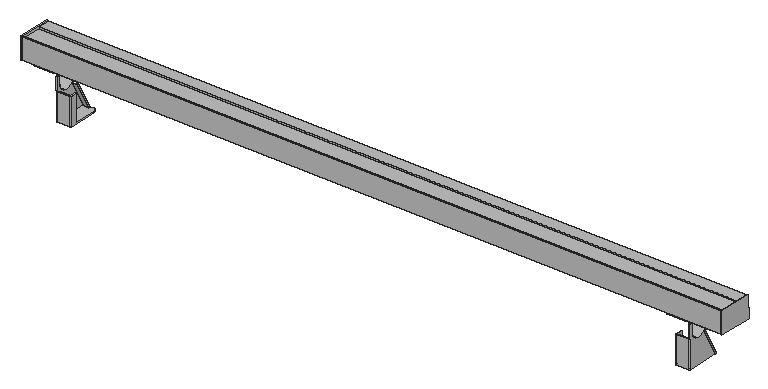
Revit family "4070763+4070747+4070771 Feilo Sylvania Lighting Fixtures CURSUS 1161MM 871LM OVAL LED 4K with SINGLE WALL HOUSING with 70MM WALL BRACKET", category Lighting Fixtures, host Face, Revit 2017
Family settings
  Host = Face
  Round Connector Dimension = Use Diameter
  Part Type = Normal
  OmniClass Number = 23.80.70.14
  OmniClass Title = Luminaries for External Lighting
  Cut with Voids When Loaded = Yes
  Light Source = No
  Shared = No
  Room Calculation Point = No
Parameters (values of type "4070763 CURSUS 1161MM 871LM OVAL LED 4K")
  Weight = "2.2 kg"
  Wattage Comments = "n/a"
  WarrantyStartDate [instance] = "n/a"
  WarrantyGuarantorParts = "n/a"
  WarrantyDurationUnit = "n/a"
  WarrantyDurationParts = "n/a"
  WarrantyDescription = "n/a"
  Voltage = 24 V
  URL = "http://www.sylvania-lighting.com"
  TypeName = "CURSUS 1161MM 871LM OVAL LED 4K"
  TypeFixture_FEILO = CURSUS with SINGLE WALL HOUSING : CURSUS 1161MM 871LM OVAL LED 4K
  Type Image = <None>
  Type Comments = "n/a"
  TiltAngle [instance] = 0.00°
  StartAngle [instance] = TiltAngle + 270.00°  # 270.00°
  SerialNumber [instance] = "n/a"
  ReflectorMaterial = none
  PowerFactor = 0
  PowerConsumption = "18 W"
  NominalLength = 1161 mm
  NominalHeight = 50 mm
  NominalDepth = 30 mm
  Name = "CURSUS 1161MM 871LM OVAL LED 4K"
  ModelReference = Name  # "CURSUS 1161MM 871LM OVAL LED 4K"
  ModelNumber = "4070763"
  Model = Name  # "CURSUS 1161MM 871LM OVAL LED 4K"
  Material = "natural anodised extruded aluminium structure housing, optical system with pmma lenses diffuser"
  ManufacturerName = "Feilo Sylvania"
  Manufacturer = "Feilo Sylvania"
  LuminousEfficacy = "48.38 lm/W"
  LuminaireType = ""
  LightOutputRatio = "100"
  LampsType = Lamp  # "LED"
  LampNominalLuminous = "871 lm"
  LampMacAdamStep = "n/a"
  LampColourTemperature = "4000 K"
  LampColourRenderingIndex = "80"
  Lamp = "LED"
  Keynote = "16500"
  InstallationDate [instance] = "n/a"
  InputVoltage = "24V DC"
  InputNominalFrequency = "50/60 Hz"
  IngressProtection = "IP67"
  ImpactProtectionIndex = "IK07"
  IfcExportType = "IfcLightFixtureType"
  IfcExportAs = "IfcLightFixtureType"
  ExpectedLife = 50000
  EndAngle [instance] = StartAngle - 180.00°  # 90.00°
  ElectricShockClassification = "Class III"
  DurationUnit = "hours"
  DocumentationLiterature = "http://www.sylvania-lighting.com/product/en-int/products/4070763"
  DimmingControlOptions = "n/a"
  DiffuserMaterial = Diffuser-Sylvania-Glow
  Description = "LED Exterior Lighting Recessed Surface Mounted Linear Fixture, Natural anodised extruded aluminium structure. Die-cast aluminium end caps. Installation kit with harmonic steel springs., 871 lm, 18W,  48lm/W, 4000K, CRI80+,non dimmable,IP67, IK07, (HxWxD) 1161x50x30mm, 3 step Mac Adam Ellipse, 2.2kg,, Classe III, 21-25V-DC, energy class : A++, A+, A"
  Default Elevation = 1219.2 mm
  CreatedOn = "1/8/2018"
  CreatedBy = ""
  Cost = 0
  built-in parameter 1114216 [instance] = (empty or 0)
  ClassificationValue = "EF_70_80"
  ClassificationName = "Uniclass2015"
  BracketWidth = 24 mm
  BracketThickness = 2 mm
  BracketHeightEnd = 32 mm
  BracketHeight = 55 mm
  BracketFlange = BracketHeight / 5  # 11 mm
  BracketExtension = 70 mm
  BracketEndReduction = 25 mm
  BracketC = 22 mm  # constant formula
  BracketDistance = 1030 mm
  BracketD = BracketHeightEnd - (BracketC * (BracketHeight - BracketHeightEnd) / (BracketExtension - BracketEndReduction))  # 20.756 mm
  BodyMaterial = Body-Sylvania-Gray
  BarCode [instance] = "n/a"
  AssetType = "Fixed"
  AssetIdentifier [instance] = "n/a"
  Assembly Code = "D5020200"
  Apparent Load = 18 VA
  AccessoryMaterial = Diffuser-Sylvania-Glow
Reference planes
  plane 1 "Center (Front/Back)": y = 0
  plane 2: z = 0
  plane 3 "Center (Left/Right)": x = 0
  plane 4: x = -527
  plane 5: x = 527
  plane 6: y = 55
  plane 7: x = -503
  plane 8: x = 503
  plane 9: z = 70
  plane 10: z = 56
  plane 11: z = 2
  plane 12: z = 45
  plane 13: x = -525
  plane 14: y = 53
  plane 15: y = 2
  plane 16: x = -505
  plane 17: x = 505
  plane 18: x = 525
  plane 19: x = -515
  plane 20: x = 515
  plane 21: y = 11
  plane 22: y = 32
  plane 23: y = 30
  plane 24: z = 67
  plane 25: y = 20.756
  plane 26: y = 16
Forms (mm)
  Blend 1, solid, material "Body-Sylvania-Gray" <- "BodyMaterial"
    base sketch origin (1223.4, -4572, 2) x (0, -1, 0) y (1, 0, 0)
      loop
        line (-4625, -1738.4) -> (-4627, -1738.4) -> (-4627, -1748.4)
        arc (-4627, -1748.4) -> (-4626.414, -1749.814) -> (-4625, -1750.4) r 2
        line (-4625, -1750.4) -> (-4574, -1750.4)
        arc (-4574, -1750.4) -> (-4572.586, -1749.814) -> (-4572, -1748.4) r 2
        line (-4572, -1748.4) -> (-4572, -1728.4)
        arc (-4572, -1728.4) -> (-4572.586, -1726.986) -> (-4574, -1726.4) r 2
        line (-4574, -1726.4) -> (-4583, -1726.4) -> (-4583, -1728.4) -> (-4574, -1728.4) -> (-4574, -1748.4) -> (-4625, -1748.4) -> (-4625, -1738.4)
    top sketch origin (1223.4, -4572, 2) x (0, -1, 0) y (1, 0, 0)
      loop
        line (-4583, -1728.4) -> (-4574, -1728.4) -> (-4574, -1748.4) -> (-4602, -1748.4) -> (-4602, -1738.4) -> (-4604, -1738.4) -> (-4604, -1748.4)
        arc (-4604, -1748.4) -> (-4603.52, -1749.71) -> (-4602.309, -1750.4) r 2.028
        line (-4602.309, -1750.4) -> (-4574, -1750.4)
        arc (-4574, -1750.4) -> (-4572.586, -1749.814) -> (-4572, -1748.4) r 2
        line (-4572, -1748.4) -> (-4572, -1728.4)
        arc (-4572, -1728.4) -> (-4572.586, -1726.986) -> (-4574, -1726.4) r 2
        line (-4574, -1726.4) -> (-4583, -1726.4) -> (-4583, -1728.4)
    from 0 to 43
  Extrusion 2, solid, material "Body-Sylvania-Gray" <- "BodyMaterial"
    sketch origin (0, 0, 0) x (1, 0, 0) y (0, 1, 0)
      loop
        arc (-525, 55) -> (-526.414, 54.414) -> (-527, 53) r 2
        line (-527, 53) -> (-527, 2)
        arc (-527, 2) -> (-526.414, 0.586) -> (-525, 0) r 2
        line (-525, 0) -> (-505, 0)
        arc (-505, 0) -> (-503.586, 0.586) -> (-503, 2) r 2
        line (-503, 2) -> (-503, 47.5)
        arc (-503, 47.5) -> (-505.197, 52.803) -> (-510.5, 55) r 7.5
        line (-510.5, 55) -> (-525, 55)
      loop
        line (525, 55) -> (510.5, 55)
        arc (510.5, 55) -> (505.197, 52.803) -> (503, 47.5) r 7.5
        line (503, 47.5) -> (503, 2)
        arc (503, 2) -> (503.586, 0.586) -> (505, 0) r 2
        line (505, 0) -> (525, 0)
        arc (525, 0) -> (526.414, 0.586) -> (527, 2) r 2
        line (527, 2) -> (527, 53)
        arc (527, 53) -> (526.414, 54.414) -> (525, 55) r 2
    from 0 to 2
  Blend 3, solid, material "Body-Sylvania-Gray" <- "BodyMaterial"
    base sketch origin (1223.4, -4572, 2) x (0, -1, 0) y (1, 0, 0)
      loop
        line (-4625, -698.4) -> (-4574, -698.4) -> (-4574, -718.4) -> (-4583, -718.4) -> (-4583, -720.4) -> (-4574, -720.4)
        arc (-4574, -720.4) -> (-4572.586, -719.814) -> (-4572, -718.4) r 2
        line (-4572, -718.4) -> (-4572, -698.4)
        arc (-4572, -698.4) -> (-4572.586, -696.986) -> (-4574, -696.4) r 2
        line (-4574, -696.4) -> (-4625, -696.4)
        arc (-4625, -696.4) -> (-4626.414, -696.986) -> (-4627, -698.4) r 2
        line (-4627, -698.4) -> (-4627, -708.4) -> (-4625, -708.4) -> (-4625, -698.4)
    top sketch origin (1223.4, -4572, 2) x (0, -1, 0) y (1, 0, 0)
      loop
        line (-4602, -708.4) -> (-4602, -698.4) -> (-4574, -698.4) -> (-4574, -718.4) -> (-4583, -718.4) -> (-4583, -720.4) -> (-4574, -720.4)
        arc (-4574, -720.4) -> (-4572.586, -719.814) -> (-4572, -718.4) r 2
        line (-4572, -718.4) -> (-4572, -698.4)
        arc (-4572, -698.4) -> (-4572.586, -696.986) -> (-4574, -696.4) r 2
        line (-4574, -696.4) -> (-4602, -696.4)
        arc (-4602, -696.4) -> (-4603.414, -696.986) -> (-4604, -698.4) r 2
        line (-4604, -698.4) -> (-4604, -708.4) -> (-4602, -708.4)
    from 0 to 43
  Blend 4, solid, material "Body-Sylvania-Gray" <- "BodyMaterial"
    base sketch origin (1223.4, -4572, 45) x (0, -1, 0) y (1, 0, 0)
      loop
        line (-4604, -1750.4) -> (-4572, -1750.4) -> (-4572, -1748.4) -> (-4604, -1748.4) -> (-4604, -1750.4)
    top sketch origin (1223.4, -4572, 45) x (0, -1, 0) y (1, 0, 0)
      loop
        line (-4572, -1750.4) -> (-4572, -1748.4) -> (-4592.756, -1748.4) -> (-4592.756, -1750.4) -> (-4572, -1750.4)
    from 0 to 22
  Blend 5, solid, material "Body-Sylvania-Gray" <- "BodyMaterial"
    base sketch origin (1223.4, -4572, 45) x (0, -1, 0) y (1, 0, 0)
      loop
        line (-4604, -698.4) -> (-4572, -698.4) -> (-4572, -696.4) -> (-4604, -696.4) -> (-4604, -698.4)
    top sketch origin (1223.4, -4572, 45) x (0, -1, 0) y (1, 0, 0)
      loop
        line (-4572, -696.4) -> (-4592.756, -696.4) -> (-4592.756, -698.4) -> (-4572, -698.4) -> (-4572, -696.4)
    from 0 to 22
  Extrusion 6, void
    sketch origin (0, 0, 0) x (0, 1, 0) y (0, 0, 1)
      loop
        line (0, 45) -> (2, 45) -> (2, 46.5) -> (0, 46.5) -> (0, 45)
      loop
        line (32, 45) -> (32, 46.5) -> (30, 46.5) -> (30, 45) -> (32, 45)
    from -527 to 527
  Revolve 7, solid, not visible
    sketch origin (1524, 16, 1219.2) x (1, 0, 0) y (0, 0, 1)
      loop
        line (-1524, -1152.2) -> (-1524, -1163.2) -> (-1009, -1163.2) -> (-1009, -1152.2) -> (-1524, -1152.2)
      axis (-1009, -1163.2) -> (-1524, -1163.2)
    angle from 270 <- "StartAngle" to 90 <- "EndAngle"
Cuts and joins
  Extrusion 6 cuts Blend 4
  Extrusion 6 cuts Blend 5
  joined: Blend 1, Extrusion 2, Blend 3, Blend 4, Blend 5
Lines and regions (mm)
  reference lines, not visible
    curve 1: line (-503, 16, 56) -> (503, 16, 56)
Dimensions and locks
  equal spacing: plane 4, plane 3 "Center (Left/Right)", plane 5
  "BracketDistance": plane 19 to plane 20
  "BracketHeight": plane 1 "Center (Front/Back)" to plane 6
  equal spacing: plane 7, plane 3 "Center (Left/Right)", plane 8
  "BracketWidth": plane 4 to plane 7
  "BracketExtension": plane 9 to plane 2
  "BracketThickness": plane 11 to plane 2
  "BracketEndReduction": plane 9 to plane 12
  equal spacing: plane 13, plane 3 "Center (Left/Right)", plane 18
  equal spacing: plane 16, plane 3 "Center (Left/Right)", plane 17
  "BracketThickness": plane 4 to plane 13
  "BracketThickness": plane 16 to plane 7
  "BracketThickness": plane 14 to plane 6
  "BracketThickness": plane 1 "Center (Front/Back)" to plane 15
  equal spacing: plane 4, plane 19, plane 7
  equal spacing: plane 8, plane 20, plane 5
  "BracketFlange": plane 1 "Center (Front/Back)" to plane 21
  "BracketHeightEnd": plane 1 "Center (Front/Back)" to plane 22
  "BracketThickness": plane 23 to plane 22
  locked: Extrusion 2 sketch curve to plane 7 at 7.5
  locked: Extrusion 2 sketch curve to plane 6 at 7.5  (x2)
  locked: plane 8 to Extrusion 2 sketch curve at 7.5
  "BracketC": plane 24 to plane 12
  "BracketD": plane 1 "Center (Front/Back)" to plane 25
  locked: plane 12 to Extrusion 6 sketch curve at 1.5
  equal spacing: plane 24, plane 10, plane 12
  equal spacing: plane 1 "Center (Front/Back)", plane 26, plane 22
  aligned and locked: plane 2 to host face
  aligned and locked: level to host face
  aligned and locked: plane 4 to Blend 1 sketch curve  (x2)
  aligned and locked: plane 13 to Blend 1 sketch curve  (x3)
  aligned and locked: Blend 1 sketch curve to plane 15
  aligned and locked: Blend 1 sketch curve to plane 16
  aligned and locked: Blend 1 sketch curve to plane 21
  aligned and locked: plane 7 to Blend 1 sketch curve
  aligned and locked: plane 16 to Blend 1 sketch curve
  aligned and locked: plane 1 "Center (Front/Back)" to Blend 1 sketch curve
  aligned and locked: plane 14 to Blend 1 sketch curve
  aligned and locked: Blend 1 sketch curve to var sketch  (x6)
  aligned and locked: Blend 1 sketch curve to plane 19
  aligned and locked: Blend 1 sketch curve to plane 22
  aligned and locked: plane 23 to Blend 1 sketch curve
  aligned and locked: plane 11 to Blend 1
  aligned and locked: Extrusion 2 sketch curve to Blend 1  (x3)
  aligned and locked: Extrusion 2 to level
  aligned and locked: Extrusion 2 to plane 11
  aligned and locked: Extrusion 2 sketch curve to plane 7
  aligned and locked: plane 18 to Blend 3 sketch curve  (x4)
  aligned and locked: plane 14 to Blend 3 sketch curve  (x2)
  aligned and locked: Blend 3 sketch curve to plane 20
  aligned and locked: Blend 3 sketch curve to plane 6
  aligned and locked: plane 5 to Blend 3 sketch curve
  aligned and locked: plane 1 "Center (Front/Back)" to Blend 3 sketch curve
  aligned and locked: plane 15 to Blend 3 sketch curve  (x2)
  aligned and locked: Blend 3 sketch curve to plane 8
  aligned and locked: Blend 3 sketch curve to plane 21
  aligned and locked: plane 17 to Blend 3 sketch curve
  aligned and locked: Blend 3 sketch curve to plane 18
  aligned and locked: plane 20 to Blend 3 sketch curve  (x2)
  aligned and locked: Blend 3 sketch curve to plane 23
  aligned and locked: Blend 3 sketch curve to var sketch  (x8)
  aligned and locked: var sketch to Blend 3 sketch curve
  aligned and locked: plane 22 to Blend 3 sketch curve
  aligned and locked: plane 11 to Blend 3
  aligned and locked: Extrusion 2 sketch curve to Blend 3  (x4)
  aligned and locked: Blend 1 to plane 12
  aligned and locked: Blend 3 to plane 12
  aligned and locked: Blend 4 sketch curve to plane 22
  aligned and locked: Blend 4 sketch curve to cut or joined group of Blend 1, Extrusion 2, Blend 3, Blend 4, Blend 5, Extrusion 6  (x2)
  aligned and locked: cut or joined group of Blend 1, Extrusion 2, Blend 3, Blend 4, Blend 5, Extrusion 6 to Blend 4 sketch curve
  aligned and locked: Blend 4 sketch curve to var sketch  (x2)
  aligned and locked: Blend 4 sketch curve to plane 13
  aligned and locked: Blend 4 to plane 24
  aligned and locked: Blend 4 sketch curve to plane 25
  aligned and locked: Blend 5 sketch curve to plane 18  (x2)
  aligned and locked: plane 1 "Center (Front/Back)" to Blend 5 sketch curve
  aligned and locked: plane 5 to Blend 5 sketch curve
  aligned and locked: plane 22 to Blend 5 sketch curve
  aligned and locked: Blend 5 sketch curve to var sketch
  aligned and locked: var sketch to Blend 5 sketch curve
  aligned and locked: Blend 5 sketch curve to plane 25
  aligned and locked: Blend 5 to plane 24
  aligned and locked: plane 12 to Blend 5
  aligned and locked: Extrusion 6 sketch curve to cut or joined group of Blend 1, Extrusion 2, Blend 3, Blend 4, Blend 5, Extrusion 6  (x2)
  aligned and locked: Extrusion 6 sketch curve to Extrusion 6 sketch curve
  aligned and locked: Extrusion 6 sketch curve to plane 15
  aligned and locked: plane 5 to Extrusion 6
  aligned and locked: Extrusion 6 to plane 4
  aligned and locked: Extrusion 6 sketch curve to plane 23
  aligned and locked: Revolve 7 sketch curve to plane 10  (x2)
  aligned and locked: plane 24 to Revolve 7 sketch curve
  aligned and locked: plane 3 "Center (Left/Right)" to Revolve 7 sketch curve
  aligned and locked: Revolve 7 sketch curve to plane 20
  aligned and locked: plane 7 to curve 1
  aligned and locked: plane 10 to curve 1
  aligned and locked: nested 1 to plane 5
  aligned and locked: nested 2 to plane 4
  aligned and locked: nested 1 to curve 1
  aligned and locked: nested 2 to curve 1
  aligned and locked: nested 1 to nested 3
  aligned and locked: nested 3 to plane 3 "Center (Left/Right)"
Automatic sketch dimensions
  host sketch curve to host sketch curve = 2438.4 mm  (x2)
  Blend 1 sketch curve to plane 13 = 0 mm
  plane 15 to Blend 1 sketch curve = 0 mm  (x3)
  Blend 1 sketch curve to plane 23 = 0.309 mm
  plane 6 to Blend 1 sketch curve = 0 mm
  plane 14 to Blend 1 sketch curve = 0 mm
  Blend 1 sketch curve to plane 19 = 0 mm
  Blend 3 sketch curve to plane 17 = 0 mm
  Extrusion 6 sketch curve to plane 1 "Center (Front/Back)" = 0 mm
  plane 12 to Extrusion 6 sketch curve = 0 mm
  Revolve 7 sketch curve to plane 4 = 1153 mm
  plane 5 to Revolve 7 sketch curve = 1161.4 mm
  curve 1 to plane 8 = 0 mm
Nested families
  nested 1: "MountingPlate" at (526, 16, 56) x (-1, 0, 0) z (0, 0, 1), type "MountingPlate"
  nested 2: "MountingPlate" at (-526, 16, 56) x (-1, 0, 0) z (0, 0, 1), type "MountingPlate"
  nested 3: "CURSUS with SINGLE WALL HOUSING" at (0, -4, 74) x (-1, 0, 0) z (0, 0, 1), type <- "TypeFixture_FEILO", type "CURSUS 1161MM 871LM OVAL LED 4K"
    with WarrantyStartDate "n/a", SerialNumber "n/a", InstallationDate "n/a", EndCapRight yes, EndCapLeft yes, built-in parameter 1114216 (empty or 0), BarCode "n/a", AssetIdentifier "n/a"
Connectors
  electrical at (0, 0, 0), driven by "Voltage", driven by "Apparent Load", driven by "PowerFactor"
    settings: index 1, voltage 24 V, apparent load 18 VA, apparent load phase1 0 VA, apparent load phase2 0 VA, apparent load phase3 0 VA, power factor 0, load classification "Other", number of poles 1, system type 30, power factor state 1, is connector primary yes, connector utility no, sub classification motor no, connector description ""
Definition of nested family "MountingPlate"
  Parameters (values of type "MountingPlate")
    URL = "http://www.feilosylvania.com"
    Type Comments = "n/a"
    ReflectorMaterial = none
    MountingPlateWidth = 76 mm
    MountingPlateThickness = 2 mm
    MountingPlateRadiusBack = 12 mm
    MountingPlateRadius = 3 mm
    MountingPlateHeight = 35 mm
    Model = "n/a"
    Manufacturer = "Feilo Sylvania"
    Keynote = "n/a"
    DiffuserMaterial = none
    Description = "n/a"
    Default Elevation = 1219.2 mm
    Cost = 0
    BodyMaterial = none
    Assembly Code = "n/a"
    AccessoryMaterial = none
  Reference planes
    plane 1 "Center (Front/Back)": y = 0
    plane 2: z = 0
    plane 3 "Center (Left/Right)": x = 0
    plane 4: x = -38
    plane 5: x = 38
    plane 6: y = 17.5
    plane 7: y = -17.5
    plane 8: x = -3
    plane 9: x = 3
    plane 10: z = 18
    plane 11: z = 16
    plane 12: y = 12.5
    plane 13: y = -12.5
    plane 14: x = -1
    plane 15: x = 1
    plane 16: z = -12.5
    plane 17: z = -14.5
  Forms (mm)
    Extrusion 1, solid
      sketch origin (1.653, 0, 0) x (1, 0, 0) y (0, 1, 0)
        loop
          line (-1219.2, 1219.2) -> (-1219.2, -1219.2) -> (1219.2, -1219.2) -> (1219.2, 1219.2) -> (-1219.2, 1219.2)
      from 0 to -304.8
    Extrusion 2, solid, material <- "BodyMaterial"
      sketch origin (1218.4, -4572, 16) x (0, -1, 0) y (-1, 0, 0)
        loop
          line (-4589.5, 1253.4) -> (-4589.5, 1224.4)
          arc (-4589.5, 1224.4) -> (-4588.621, 1222.279) -> (-4586.5, 1221.4) r 3
          line (-4586.5, 1221.4) -> (-4557.5, 1221.4)
          arc (-4557.5, 1221.4) -> (-4555.379, 1222.279) -> (-4554.5, 1224.4) r 3
          line (-4554.5, 1224.4) -> (-4554.5, 1253.4)
          arc (-4554.5, 1253.4) -> (-4555.379, 1255.521) -> (-4557.5, 1256.4) r 3
          line (-4557.5, 1256.4) -> (-4586.5, 1256.4)
          arc (-4586.5, 1256.4) -> (-4588.621, 1255.521) -> (-4589.5, 1253.4) r 3
        loop
          arc (-4589.5, 1183.4) -> (-4588.621, 1181.279) -> (-4586.5, 1180.4) r 3
          line (-4586.5, 1180.4) -> (-4557.5, 1180.4)
          arc (-4557.5, 1180.4) -> (-4555.379, 1181.279) -> (-4554.5, 1183.4) r 3
          line (-4554.5, 1183.4) -> (-4554.5, 1212.4)
          arc (-4554.5, 1212.4) -> (-4555.379, 1214.521) -> (-4557.5, 1215.4) r 3
          line (-4557.5, 1215.4) -> (-4586.5, 1215.4)
          arc (-4586.5, 1215.4) -> (-4588.621, 1214.521) -> (-4589.5, 1212.4) r 3
          line (-4589.5, 1212.4) -> (-4589.5, 1183.4)
      from 0 to -2
    Extrusion 3, solid, material <- "BodyMaterial"
      sketch origin (0, 0, 0) x (1, 0, 0) y (0, 0, 1)
        loop
          line (-3, 18) -> (-3, -12.5) -> (-1, -12.5) -> (-1, 16)
          arc (-1, 16) -> (-1.586, 17.414) -> (-3, 18) r 2
        loop
          line (3, -12.5) -> (3, 18)
          arc (3, 18) -> (1.586, 17.414) -> (1, 16) r 2
          line (1, 16) -> (1, -12.5) -> (3, -12.5)
      from -12.5 to 12.5
    Extrusion 4, void
      sketch origin (0, 0, 0) x (0, 1, 0) y (0, 0, 1)
        loop
          line (-12.5, -0.5) -> (-17.5, -0.5) -> (-17.5, -14.5) -> (-0.5, -14.5) -> (-0.5, -12.5)
          arc (-0.5, -12.5) -> (-8.985, -8.985) -> (-12.5, -0.5) r 12
        loop
          line (0.5, -12.5) -> (0.5, -14.5) -> (17.5, -14.5) -> (17.5, -0.5) -> (12.5, -0.5)
          arc (12.5, -0.5) -> (8.985, -8.985) -> (0.5, -12.5) r 12
      from -3 to 3
  Cuts and joins
    Extrusion 4 cuts Extrusion 2
    Extrusion 4 cuts Extrusion 3
    joined: Extrusion 2, Extrusion 3
  Lines and regions (mm)
    reference lines
      curve 1: line (-38, 0, 0) -> (38, 0, 0)
  Dimensions and locks
    equal spacing: plane 4, plane 3 "Center (Left/Right)", plane 5
    "MountingPlateWidth": plane 4 to plane 5
    equal spacing: plane 7, plane 1 "Center (Front/Back)", plane 6
    "MountingPlateHeight": plane 7 to plane 6
    equal spacing: plane 8, plane 3 "Center (Left/Right)", plane 9
    "MountingPlateHeight": plane 4 to plane 8
    locked: plane 10 to plane 2 at 18
    "MountingPlateThickness": plane 10 to plane 11
    equal spacing: plane 13, plane 1 "Center (Front/Back)", plane 12
    locked: plane 13 to plane 12 at 25
    "MountingPlateRadius": plane 4 to Extrusion 2 sketch curve  (x2)
    "MountingPlateRadius": Extrusion 2 sketch curve to plane 6  (x4)
    "MountingPlateRadius": Extrusion 2 sketch curve to plane 8  (x2)
    "MountingPlateRadius": plane 7 to Extrusion 2 sketch curve  (x4)
    "MountingPlateRadius": plane 9 to Extrusion 2 sketch curve  (x2)
    "MountingPlateRadius": Extrusion 2 sketch curve to plane 5  (x2)
    equal spacing: plane 15, plane 3 "Center (Left/Right)", plane 14
    "MountingPlateThickness": plane 14 to plane 8
    locked: plane 2 to plane 16 at 12.5
    locked: plane 17 to plane 16 at 2
    "MountingPlateRadiusBack": plane 13 to Extrusion 4 sketch curve
    "MountingPlateRadiusBack": plane 16 to Extrusion 4 sketch curve  (x2)
    "MountingPlateRadiusBack": Extrusion 4 sketch curve to plane 12
    aligned and locked: plane 2 to Extrusion 1
    aligned and locked: level to Extrusion 1
    aligned and locked: Extrusion 2 sketch curve to plane 6
    aligned and locked: Extrusion 2 sketch curve to plane 4
    aligned and locked: plane 7 to Extrusion 2 sketch curve
    aligned and locked: plane 8 to Extrusion 2 sketch curve
    aligned and locked: plane 6 to Extrusion 2 sketch curve
    aligned and locked: Extrusion 2 sketch curve to plane 5
    aligned and locked: Extrusion 2 sketch curve to plane 7
    aligned and locked: plane 9 to Extrusion 2 sketch curve
    aligned and locked: Extrusion 2 to plane 10
    aligned and locked: plane 11 to Extrusion 2
    aligned and locked: Extrusion 3 sketch curve to Extrusion 2  (x2)
    aligned and locked: plane 16 to Extrusion 3 sketch curve  (x2)
    aligned and locked: plane 14 to Extrusion 3 sketch curve
    aligned and locked: plane 9 to Extrusion 3 sketch curve
    aligned and locked: plane 15 to Extrusion 3 sketch curve
    aligned and locked: Extrusion 3 to plane 12
    aligned and locked: plane 13 to Extrusion 3
    aligned and locked: plane 17 to Extrusion 4 sketch curve  (x2)
    aligned and locked: Extrusion 4 sketch curve to plane 7
    aligned and locked: Extrusion 4 sketch curve to plane 6
    aligned and locked: plane 9 to Extrusion 4
    aligned and locked: Extrusion 4 to plane 8
    aligned and locked: plane 4 to curve 1
    aligned and locked: curve 1 to level
  Automatic sketch dimensions
    Extrusion 1 sketch curve to Extrusion 1 sketch curve = 2438.4 mm  (x2)
    Extrusion 3 sketch curve to plane 11 = 0 mm
    curve 1 to plane 5 = 0 mm
    Extrusion 4 sketch curve to plane 13 = 0 mm
    Extrusion 4 sketch curve to plane 12 = 0 mm
Definition of nested family "CURSUS with SINGLE WALL HOUSING"
  Parameters (values of type "CURSUS 1161MM 827LM OVAL LED 3K")
    Width_FEILO = 35 mm
    Weight = "2.2 kg"
    Wattage Comments = "n/a"
    Wattage = 18 W
    WarrantyStartDate [instance] = "n/a"
    WarrantyGuarantorParts = "n/a"
    WarrantyDurationUnit = "n/a"
    WarrantyDurationParts = "n/a"
    WarrantyDescription = "n/a"
    WallThickness_FEILO = 2.5 mm
    built-in parameter 1150110 = 1 (stored number, unit not read)
    Voltage = 24 V
    URL = "http://www.feilosylvania.com"
    TypeName = "CURSUS 1161MM 827LM OVAL LED 3K"
    Type Image = (empty or 0)
    Type Comments = "n/a"
    built-in parameter 1114217 = 1 (stored number, unit not read)
    Tilt Angle = -90.00°
    built-in parameter 1150109 = 1 (stored number, unit not read)
    built-in parameter 1150134 = (empty or 0)
    built-in parameter 1150113 = 1 (stored number, unit not read)
    SerialNumber [instance] = "n/a"
    ReflectorMaterial = none
    PowerFactor = 0
    PowerConsumption = "18 W"
    Photometric Web File = "4070765.ies"
    NominalLength = 1161 mm
    NominalHeight = 50 mm
    NominalDepth = 30 mm
    Name = "CURSUS 1161MM 827LM OVAL LED 3K"
    ModelReference = Name  # "CURSUS 1161MM 827LM OVAL LED 3K"
    ModelNumber = ""
    Model = Name  # "CURSUS 1161MM 827LM OVAL LED 3K"
    Material = "natural anodised extruded aluminium structure housing, optical system with pmma lenses diffuser"
    ManufacturerName = "Feilo Sylvania"
    Manufacturer = "Feilo Sylvania"
    LuminousEfficacy = "45.94 lm/W"
    built-in parameter 1150105 = 1166.5 (stored number, unit not read)
    Lumens = 827 lm
    LuminaireType = ""
    built-in parameter 1150115 = 1 (stored number, unit not read)
    LightOutputRatio = "100"
    built-in parameter 1150137 = (empty or 0)
    built-in parameter 1150139 = (empty or 0)
    Length_FEILO = 1167 mm
    LampsType = Lamp  # "LED"
    LampNominalLuminous = "827 lm"
    LampMacAdamStep = "n/a"
    LampColourTemperature = "3000 K"
    LampColourRenderingIndex = "80"
    built-in parameter 1150112 = 1 (stored number, unit not read)
    built-in parameter 1150114 = 1 (stored number, unit not read)
    Lamp = "LED"
    Keynote = "16500"
    InstallationDate [instance] = "n/a"
    InputVoltage = "24V DC"
    InputNominalFrequency = "n/a"
    built-in parameter 1150132 = (empty or 0)
    built-in parameter 1150102 = (empty or 0)
    built-in parameter 1150107 = 3000 (stored number, unit not read)
    built-in parameter 1150138 = (empty or 0)
    IngressProtection = "IP67"
    ImpactProtectionIndex = "IK07"
    built-in parameter 1150106 = 11.665 (stored number, unit not read)
    IfcExportType = "IfcLightFixtureType"
    IfcExportAs = "IfcLightFixtureType"
    ExpectedLife = 50000
    EndCapRight [instance] = yes
    EndCapLeft [instance] = yes
    Emit from Rectangle Width = Width_FEILO - WallThickness_FEILO * 2  # 30 mm
    Emit from Rectangle Length = Length_FEILO - WallThickness_FEILO * 2  # 1162 mm
    Emit Shape Visible in Rendering = no
    ElectricShockClassification = "Class III"
    built-in parameter 1150104 = 4.2684 (stored number, unit not read)
    DurationUnit = "hours"
    DocumentationLiterature = "http://www.feilosylvania.com/product/en-int/products/4070765"
    DimmingControlOptions = "n/a"
    Dimming Lamp Color Temperature Shift = (empty or 0)
    DiffuserMaterial = none
    Description = "LED Exterior Lighting Recessed Surface Mounted Linear Fixture, Natural anodised extruded aluminium structure. Die-cast aluminium end caps. Installation kit with harmonic steel springs., 827 lm, 18W, 45lm/W, 3000K, CRI80+,non dimmable,IP67, IK07, (HxWxD) 1161x50x30mm, 3 step Mac Adam Ellipse, 2.2kg,, Classe III, 21-25V-DC, energy class : A++, A+, A"
    Default Elevation = 1219.2 mm
    CreatedOn = "1/8/2018"
    CreatedBy = "aron.fodor@feilosylvania.com"
    Cost = 0
    Color Filter = 16777215
    built-in parameter 1114216 [instance] = (empty or 0)
    ClassificationValue = "EF_70_80"
    ClassificationName = "Uniclass2015"
    BodyMaterial = none
    BarCode [instance] = "n/a"
    built-in parameter 1114218 = 1 (stored number, unit not read)
    built-in parameter 1150133 = 10 (stored number, unit not read)
    AssetType = "Fixed"
    AssetIdentifier [instance] = "n/a"
    Assembly Code = "D5020200"
    Apparent Load = 18 VA
    AccessoryMaterial = none
  Types (16, lengths in mm): name | Weight | Wattage | Voltage | TypeName | built-in parameter 1150134 | PowerConsumption | Photometric Web File | NominalLength | Name | ModelReference | Model | Material | LuminousEfficacy | built-in parameter 1150105 | Lumens | Length_FEILO | LampNominalLuminous | LampColourTemperature | InputVoltage | InputNominalFrequency | built-in parameter 1150107 | built-in parameter 1150106 | Emit from Rectangle Length | built-in parameter 1150104 | DocumentationLiterature | Description | Apparent Load
    CURSUS 1161MM 827LM OVAL LED 3K | "2.2 kg" | 18 W | 24 V | "CURSUS 1161MM 827LM OVAL LED 3K" | (empty or 0) | "18 W" | "4070765.ies" | 1161 | "CURSUS 1161MM 827LM OVAL LED 3K" | "CURSUS 1161MM 827LM OVAL LED 3K" | "CURSUS 1161MM 827LM OVAL LED 3K" | "natural anodised extruded aluminium structure housing, optical system with pmma lenses diffuser" | "45.94 lm/W" | 1166.5 (stored number, unit not read) | 827 lm | 1167 | "827 lm" | "3000 K" | "24V DC" | "n/a" | 3000 (stored number, unit not read) | 11.665 (stored number, unit not read) | 1162 | 4.2684 (stored number, unit not read) | "http://www.feilosylvania.com/product/en-int/products/4070765" | "LED Exterior Lighting Recessed Surface Mounted Linear Fixture, Natural anodised extruded aluminium structure. Die-cast aluminium end caps. Installation kit with harmonic steel springs., 827 lm, 18W, 45lm/W, 3000K, CRI80+,non dimmable,IP67, IK07, (HxWxD) 1161x50x30mm, 3 step Mac Adam Ellipse, 2.2kg,, Classe III, 21-25V-DC, energy class : A++, A+, A" | 18 VA
    CURSUS 1161MM 731LM WIDE LED 3K | "2.2 kg" | 18 W | 230 V | "CURSUS 1161MM 731LM WIDE LED 3K" | (empty or 0) | "18 W" | "4070764.ies" | 1161 | "CURSUS 1161MM 731LM WIDE LED 3K" | "CURSUS 1161MM 731LM WIDE LED 3K" | "CURSUS 1161MM 731LM WIDE LED 3K" | "natural anodised extruded aluminium structure housing" | "40.61 lm/W" | 403.47 (stored number, unit not read) | 731 lm | 1167 | "731 lm" | "3000 K" | "220-240V~" | "n/a" | 3000 (stored number, unit not read) | 4.0347 (stored number, unit not read) | 1162 | 3.7729 (stored number, unit not read) | "http://www.feilosylvania.com/product/en-int/products/4070764" | "LED Exterior Lighting Recessed Surface Mounted Linear Fixture, Natural anodised extruded aluminium structure. Die-cast aluminium end caps. Installation kit with harmonic steel springs., 731 lm, 18W, 40lm/W, 3000K, CRI80+,non dimmable,IP67, IK07, (HxWxD) 1161x50x30mm, 3 step Mac Adam Ellipse, 2.2kg,, Classe III, 21-25V-DC, energy class : A++, A+, A" | 18 VA
    CURSUS 1161MM 871LM OVAL LED 4K | "2.2 kg" | 18 W | 24 V | "CURSUS 1161MM 871LM OVAL LED 4K" | 12 | "18 W" | "4070763.ies" | 1161 | "CURSUS 1161MM 871LM OVAL LED 4K" | "CURSUS 1161MM 871LM OVAL LED 4K" | "CURSUS 1161MM 871LM OVAL LED 4K" | "natural anodised extruded aluminium structure housing, optical system with pmma lenses diffuser" | "48.38 lm/W" | 1192.8 (stored number, unit not read) | 871 lm | 1167 | "871 lm" | "4000 K" | "24V DC" | "50/60 Hz" | 4000 (stored number, unit not read) | 11.928 (stored number, unit not read) | 1162 | 4.4955 (stored number, unit not read) | "http://www.feilosylvania.com/product/en-int/products/4070763" | "LED Exterior Lighting Recessed Surface Mounted Linear Fixture, Natural anodised extruded aluminium structure. Die-cast aluminium end caps. Installation kit with harmonic steel springs., 871 lm, 18W,  48lm/W, 4000K, CRI80+,non dimmable,IP67, IK07, (HxWxD) 1161x50x30mm, 3 step Mac Adam Ellipse, 2.2kg,, Classe III, 21-25V-DC, energy class : A++, A+, A" | 18 VA
    CURSUS 1161MM 770LM WIDE LED 4K | "2.2 kg" | 18 W | 230 V | "CURSUS 1161MM 770LM WIDE LED 4K" | 12 | "18 W" | "4070762.ies" | 1161 | "CURSUS 1161MM 770LM WIDE LED 4K" | "CURSUS 1161MM 770LM WIDE LED 4K" | "CURSUS 1161MM 770LM WIDE LED 4K" | "natural anodised extruded aluminium structure housing" | "42.77 lm/W" | 424.94 (stored number, unit not read) | 770 lm | 1167 | "770 lm" | "4000 K" | "220-240V~" | "n/a" | 4000 (stored number, unit not read) | 4.2494 (stored number, unit not read) | 1162 | 3.9742 (stored number, unit not read) | "http://www.feilosylvania.com/product/en-int/products/4070762" | "LED Exterior Lighting Recessed Surface Mounted Linear Fixture, Natural anodised extruded aluminium structure. Die-cast aluminium end caps. Installation kit with harmonic steel springs., 770 lm, 18W,  42lm/W, 4000K, CRI80+,non dimmable,IP67, IK07, (HxWxD) 1161x50x30mm, 3 step Mac Adam Ellipse, 2.2kg,, Classe III, 21-25V-DC, energy class : A++, A+, A" | 18 VA
    CURSUS 876MM 620LM OVAL LED 3K | "1.7 kg" | 13.5 W | 24 V | "CURSUS 876MM 620LM OVAL LED 3K" | (empty or 0) | "13.5 W" | "4070758.ies" | 876 | "CURSUS 876MM 620LM OVAL LED 3K" | "CURSUS 876MM 620LM OVAL LED 3K" | "CURSUS 876MM 620LM OVAL LED 3K" | "natural anodised extruded aluminium structure housing, optical system with pmma lenses diffuser" | "45.92 lm/W" | 874.55 (stored number, unit not read) | 620 lm | 882 | "620 lm" | "3000 K" | "24V DC" | "50/60 Hz" | 3000 (stored number, unit not read) | 8.7455 (stored number, unit not read) | 877 | 4.2667 (stored number, unit not read) | "http://www.feilosylvania.com/product/en-int/products/4070758" | "LED Exterior Lighting Recessed Surface Mounted Linear Fixture, Natural anodised extruded aluminium structure. Die-cast aluminium end caps. Installation kit with harmonic steel springs., 620 lm, 13,5W, 45lm/W, 3000K, CRI80+,non dimmable,IP67, IK07, (HxWxD) 876x50x30mm, 3 step Mac Adam Ellipse, 1.7kg,, Classe III, 21-25V-DC, energy class : A++, A+, A" | 13.5 VA
    CURSUS 876MM 548LM WIDE LED 3K | "1.7 kg" | 13.5 W | 24 V | "CURSUS 876MM 548LM WIDE LED 3K" | (empty or 0) | "13.5 W" | "4070757.ies" | 876 | "CURSUS 876MM 548LM WIDE LED 3K" | "CURSUS 876MM 548LM WIDE LED 3K" | "CURSUS 876MM 548LM WIDE LED 3K" | "natural anodised extruded aluminium structure housing" | "40.59 lm/W" | 302.47 (stored number, unit not read) | 548 lm | 882 | "548 lm" | "3000 K" | "24V DC" | "n/a" | 3000 (stored number, unit not read) | 3.0247 (stored number, unit not read) | 877 | 3.7712 (stored number, unit not read) | "http://www.feilosylvania.com/product/en-int/products/4070757" | "LED Exterior Lighting Recessed Surface Mounted Linear Fixture, Natural anodised extruded aluminium structure. Die-cast aluminium end caps. Installation kit with harmonic steel springs., 548 lm, 13,5W, 40lm/W, 3000K, CRI80+,non dimmable,IP67, IK07, (HxWxD) 876x50x30mm, 3 step Mac Adam Ellipse, 1.7kg,, Classe III, 21-25V-DC, energy class : A++, A+, A" | 13.5 VA
    CURSUS 876MM 653LM OVAL LED 4K | "1.7 kg" | 13.5 W | 24 V | "CURSUS 876MM 653LM OVAL LED 4K" | 12 | "13.5 W" | "4070756.ies" | 876 | "CURSUS 876MM 653LM OVAL LED 4K" | "CURSUS 876MM 653LM OVAL LED 4K" | "CURSUS 876MM 653LM OVAL LED 4K" | "natural anodised extruded aluminium structure housing, optical system with pmma lenses diffuser" | "48.37 lm/W" | 894.28 (stored number, unit not read) | 653 lm | 882 | "653 lm" | "4000 K" | "24V DC" | "n/a" | 4000 (stored number, unit not read) | 8.9428 (stored number, unit not read) | 877 | 4.4938 (stored number, unit not read) | "http://www.feilosylvania.com/product/en-int/products/4070756" | "LED Exterior Lighting Recessed Surface Mounted Linear Fixture, Natural anodised extruded aluminium structure. Die-cast aluminium end caps. Installation kit with harmonic steel springs., 653 lm, 13,5W,  48lm/W, 4000K, CRI80+,non dimmable,IP67, IK07, (HxWxD) 876x50x30mm, 3 step Mac Adam Ellipse, 1.7kg,, Classe III, 21-25V-DC, energy class : A++, A+, A" | 13.5 VA
    CURSUS 876MM 577LM WIDE LED 4K | "1.7 kg" | 13.5 W | 24 V | "CURSUS 876MM 577LM WIDE LED 4K" | 12 | "13.5 W" | "4070755.ies" | 876 | "CURSUS 876MM 577LM WIDE LED 4K" | "CURSUS 876MM 577LM WIDE LED 4K" | "CURSUS 876MM 577LM WIDE LED 4K" | "natural anodised extruded aluminium structure housing" | "42.74 lm/W" | 318.43 (stored number, unit not read) | 577 lm | 882 | "577 lm" | "4000 K" | "24V DC" | "n/a" | 4000 (stored number, unit not read) | 3.1843 (stored number, unit not read) | 877 | 3.9707 (stored number, unit not read) | "http://www.feilosylvania.com/product/en-int/products/4070755" | "LED Exterior Lighting Recessed Surface Mounted Linear Fixture, Natural anodised extruded aluminium structure. Die-cast aluminium end caps. Installation kit with harmonic steel springs., 577 lm, 13,5W,  42lm/W, 4000K, CRI80+,non dimmable,IP67, IK07, (HxWxD) 876x50x30mm, 3 step Mac Adam Ellipse, 1.7kg,, Classe III, 21-25V-DC, energy class : A++, A+, A" | 13.5 VA
    CURSUS 591MM 414LM OVAL LED 3K | "1.2 kg" | 9 W | 24 V | "CURSUS 591MM 414LM OVAL LED 3K" | (empty or 0) | "9 W" | "4070751.ies" | 591 | "CURSUS 591MM 414LM OVAL LED 3K" | "CURSUS 591MM 414LM OVAL LED 3K" | "CURSUS 591MM 414LM OVAL LED 3K" | "natural anodised extruded aluminium structure housing, optical system with pmma lenses diffuser" | "46 lm/W" | 583.97 (stored number, unit not read) | 414 lm | 597 | "414 lm" | "3000 K" | "24V DC" | "n/a" | 3000 (stored number, unit not read) | 5.8397 (stored number, unit not read) | 592 | 4.2735 (stored number, unit not read) | "http://www.feilosylvania.com/product/en-int/products/4070751" | "LED Exterior Lighting Recessed Surface Mounted Linear Fixture, Natural anodised extruded aluminium structure. Die-cast aluminium end caps. Installation kit with harmonic steel springs., 414 lm, 9W, 46lm/W, 3000K, CRI80+,non dimmable,IP67, IK07, (HxWxD) 591x50x30mm, 3 step Mac Adam Ellipse, 1.2kg,, Classe III, 21-25V-DC, energy class : A++, A+, A" | 9 VA
    CURSUS 591MM 365LM WIDE LED 3K | "1.2 kg" | 9 W | 24 V | "CURSUS 591MM 365LM WIDE LED 3K" | (empty or 0) | "9 W" | "4070750.ies" | 591 | "CURSUS 591MM 365LM WIDE LED 3K" | "CURSUS 591MM 365LM WIDE LED 3K" | "CURSUS 591MM 365LM WIDE LED 3K" | "natural anodised extruded aluminium structure housing" | "40.55 lm/W" | 201.45 (stored number, unit not read) | 365 lm | 597 | "365 lm" | "3000 K" | "24V DC" | "n/a" | 3000 (stored number, unit not read) | 2.0145 (stored number, unit not read) | 592 | 3.7677 (stored number, unit not read) | "http://www.feilosylvania.com/product/en-int/products/4070750" | "LED Exterior Lighting Recessed Surface Mounted Linear Fixture, Natural anodised extruded aluminium structure. Die-cast aluminium end caps. Installation kit with harmonic steel springs., 365 lm, 9W, 40lm/W, 3000K, CRI80+,non dimmable,IP67, IK07, (HxWxD) 591x50x30mm, 3 step Mac Adam Ellipse, 1.2kg,, Classe III, 21-25V-DC, energy class : A++, A+, A" | 9 VA
    CURSUS 591MM 435LM OVAL LED 4K | "1.2 kg" | 9 W | 24 V | "CURSUS 591MM 435LM OVAL LED 4K" | 12 | "9 W" | "4070749.ies" | 591 | "CURSUS 591MM 435LM OVAL LED 4K" | "CURSUS 591MM 435LM OVAL LED 4K" | "CURSUS 591MM 435LM OVAL LED 4K" | "natural anodised extruded aluminium structure housing, optical system with pmma lenses diffuser" | "48.33 lm/W" | 595.73 (stored number, unit not read) | 435 lm | 597 | "435 lm" | "4000 K" | "24V DC" | "n/a" | 4000 (stored number, unit not read) | 5.9573 (stored number, unit not read) | 592 | 4.4903 (stored number, unit not read) | "http://www.feilosylvania.com/product/en-int/products/4070749" | "LED Exterior Lighting Recessed Surface Mounted Linear Fixture, Natural anodised extruded aluminium structure. Die-cast aluminium end caps. Installation kit with harmonic steel springs., 435 lm, 9W, 48lm/W, 4000K, CRI80+,non dimmable,IP67, IK07, (HxWxD) 591x50x30mm, 3 step Mac Adam Ellipse, 1.2kg,, Classe III, 21-25V-DC, energy class : A++, A+, A" | 9 VA
    CURSUS 591MM 385LM WIDE LED 4K | "1.2 kg" | 9 W | 24 V | "CURSUS 591MM 385LM WIDE LED 4K" | 12 | "9 W" | "4070748.ies" | 591 | "CURSUS 591MM 385LM WIDE LED 4K" | "CURSUS 591MM 385LM WIDE LED 4K" | "CURSUS 591MM 385LM WIDE LED 4K" | "natural anodised extruded aluminium structure housing" | "42.77 lm/W" | 212.47 (stored number, unit not read) | 385 lm | 597 | "385 lm" | "4000 K" | "24V DC" | "n/a" | 4000 (stored number, unit not read) | 2.1247 (stored number, unit not read) | 592 | 3.9742 (stored number, unit not read) | "http://www.feilosylvania.com/product/en-int/products/4070748" | "LED Exterior Lighting Recessed Surface Mounted Linear Fixture, Natural anodised extruded aluminium structure. Die-cast aluminium end caps. Installation kit with harmonic steel springs., 385 lm, 9W,  42lm/W, 4000K, CRI80+,non dimmable,IP67, IK07, (HxWxD) 591x50x30mm, 3 step Mac Adam Ellipse, 1.2kg,, Classe III, 21-25V-DC, energy class : A++, A+, A" | 9 VA
    CURSUS 306MM 207LM OVAL LED3K | "0.6 kg" | 4.5 W | 24 V | "CURSUS 306MM 207LM OVAL LED3K" | (empty or 0) | "4.5 W" | "4070744.ies" | 306 | "CURSUS 306MM 207LM OVAL LED3K" | "CURSUS 306MM 207LM OVAL LED3K" | "CURSUS 306MM 207LM OVAL LED3K" | "natural anodised extruded aluminium structure housing, optical system with pmma lenses diffuser" | "46 lm/W" | 291.98 (stored number, unit not read) | 207 lm | 312 | "207 lm" | "3000 K" | "24V DC" | "n/a" | 3000 (stored number, unit not read) | 2.9198 (stored number, unit not read) | 307 | 4.2735 (stored number, unit not read) | "http://www.feilosylvania.com/product/en-int/products/4070744" | "LED Exterior Lighting Recessed Surface Mounted Linear Fixture, Natural anodised extruded aluminium structure. Die-cast aluminium end caps. Installation kit with harmonic steel springs., 207 lm, 4,5W, 46lm/W, 3000K, CRI80+,non dimmable,IP67, IK07, (HxWxD) 306x50x30mm, 3 step Mac Adam Ellipse, 0.6kg,, Classe III, 21-25V-DC, energy class : A++, A+, A" | 4.5 VA
    CURSUS 306MM 183LM WIDE LED 3K | "0.6 kg" | 4.5 W | 24 V | "CURSUS 306MM 183LM WIDE LED 3K" | (empty or 0) | "4.5 W" | "4070743.ies" | 306 | "CURSUS 306MM 183LM WIDE LED 3K" | "CURSUS 306MM 183LM WIDE LED 3K" | "CURSUS 306MM 183LM WIDE LED 3K" | "natural anodised extruded aluminium structure housing" | "40.66 lm/W" | 101.01 (stored number, unit not read) | 183 lm | 312 | "183 lm" | "3000 K" | "24V DC" | "n/a" | 3000 (stored number, unit not read) | 1.0101 (stored number, unit not read) | 307 | 3.7781 (stored number, unit not read) | "http://www.feilosylvania.com/product/en-int/products/4070743" | "LED Exterior Lighting Recessed Surface Mounted Linear Fixture, Natural anodised extruded aluminium structure. Die-cast aluminium end caps. Installation kit with harmonic steel springs., 183 lm, 4,5W, 40lm/W, 3000K, CRI80+,non dimmable,IP67, IK07, (HxWxD) 306x50x30mm, 3 step Mac Adam Ellipse, 0.6kg,, Classe III, 21-25V-DC, energy class : A++, A+, A" | 4.5 VA
    CURSUS 306MM 218LM OVAL LED 4K | "0.6 kg" | 4.5 W | 24 V | "CURSUS 306MM 218LM OVAL LED 4K" | 12 | "4.5 W" | "4070742.ies" | 306 | "CURSUS 306MM 218LM OVAL LED 4K" | "CURSUS 306MM 218LM OVAL LED 4K" | "CURSUS 306MM 218LM OVAL LED 4K" | "natural anodised extruded aluminium structure housing, optical system with pmma lenses diffuser" | "48.44 lm/W" | 298.55 (stored number, unit not read) | 218 lm | 312 | "218 lm" | "4000 K" | "24V DC" | "n/a" | 4000 (stored number, unit not read) | 2.9855 (stored number, unit not read) | 307 | 4.5006 (stored number, unit not read) | "http://www.feilosylvania.com/product/en-int/products/4070742" | "LED Exterior Lighting Recessed Surface Mounted Linear Fixture, Natural anodised extruded aluminium structure. Die-cast aluminium end caps. Installation kit with harmonic steel springs., 218 lm, 4,5W,  48lm/W, 4000K, CRI80+,non dimmable,IP67, IK07, (HxWxD) 306x50x30mm, 3 step Mac Adam Ellipse, 0.6kg,, Classe III, 21-25V-DC, energy class : A++, A+, A" | 4.5 VA
    CURSUS 306MM 192LM WIDE LED 4K | "0.6 kg" | 4.5 W | 24 V | "CURSUS 306MM 192LM WIDE LED 4K" | 12 | "4.5 W" | "4070741.ies" | 306 | "CURSUS 306MM 192LM WIDE LED 4K" | "CURSUS 306MM 192LM WIDE LED 4K" | "CURSUS 306MM 192LM WIDE LED 4K" | "natural anodised extruded aluminium structure housing" | "42.66 lm/W" | 105.96 (stored number, unit not read) | 192 lm | 312 | "192 lm" | "4000 K" | "24V DC" | "n/a" | 4000 (stored number, unit not read) | 1.0596 (stored number, unit not read) | 307 | 3.9639 (stored number, unit not read) | "http://www.feilosylvania.com/product/en-int/products/4070741" | "LED Exterior Lighting Recessed Surface Mounted Linear Fixture, Natural anodised extruded aluminium structure. Die-cast aluminium end caps. Installation kit with harmonic steel springs., 192 lm, 4,5W,  42lm/W, 4000K, CRI80+,non dimmable,IP67, IK07, (HxWxD) 306x50x30mm, 3 step Mac Adam Ellipse, 0.6kg,, Classe III, 21-25V-DC, energy class : A++, A+, A" | 4.5 VA
  Reference planes
    plane 1 "Center (Front/Back)": y = 0
    plane 2: z = 0
    plane 3 "Center (Left/Right)": x = 0
    plane 4: x = 583.5
    plane 5: x = -583.5
    plane 6: x = -581
    plane 7: x = 581
    plane 8: z = 35
    plane 9: z = 17.5
    plane 10: z = 32.5
    plane 11: z = 2.5
    plane 12: z = 30
    plane 13: z = 5
    plane 14: y = -55
    plane 15: y = -53
    plane 16: y = -2.5
    plane 17: y = -37
    plane 18: y = -34.5
  Forms (mm)
    Extrusion 1, solid
      sketch origin (4.2, 0, 0) x (1, 0, 0) y (0, 1, 0)
        loop
          line (-1219.2, 1219.2) -> (-1219.2, -1219.2) -> (1219.2, -1219.2) -> (1219.2, 1219.2) -> (-1219.2, 1219.2)
      from 0 to -304.8
    Extrusion 2, solid, material <- "BodyMaterial"
      sketch origin (0, 0, 0) x (0, 1, 0) y (0, 0, 1)
        loop
          line (0, 35) -> (-2.5, 35) -> (-2.5, 32.5) -> (-34.5, 32.5) -> (-34.5, 35) -> (-55, 35) -> (-55, 32.5) -> (-37, 32.5) -> (-37, 30) -> (-2.5, 30) -> (-2.5, 5) -> (-37, 5) -> (-37, 2.5) -> (-55, 2.5) -> (-55, 0) -> (-34.5, 0) -> (-34.5, 2.5) -> (-2.5, 2.5) -> (-2.5, 0) -> (0, 0) -> (0, 35)
      from -581 to 581
    Extrusion 3, solid, material <- "DiffuserMaterial"
      sketch origin (0, 0, 0) x (0, 1, 0) y (0, 0, 1)
        loop
          line (-37, 32.5) -> (-55, 32.5) -> (-55, 19.5) -> (-53, 17.5) -> (-55, 15.5) -> (-55, 2.5) -> (-37, 2.5) -> (-37, 32.5)
      from -581 to 581
    Extrusion 4, solid, material <- "BodyMaterial", visible <- "EndCapRight"
      sketch origin (581, 1524, 1219.2) x (0, 1, 0) y (0, 0, 1)
        loop
          line (-1579, -1184.2) -> (-1579, -1219.2) -> (-1524, -1219.2) -> (-1524, -1184.2) -> (-1579, -1184.2)
      from 0 to 2.5
    Extrusion 5, solid, material <- "BodyMaterial", visible <- "EndCapLeft"
      sketch origin (-581, 1524, 1219.2) x (0, 1, 0) y (0, 0, 1)
        loop
          line (-1579, -1184.2) -> (-1579, -1219.2) -> (-1524, -1219.2) -> (-1524, -1184.2) -> (-1579, -1184.2)
      from -2.5 to 0
  Dimensions and locks
    equal spacing: plane 5, plane 3 "Center (Left/Right)", plane 4
    "Length_FEILO": plane 5 to plane 4
    equal spacing: plane 6, plane 3 "Center (Left/Right)", plane 7
    "WallThickness_FEILO": plane 5 to plane 6
    locked: plane 9 to plane 2 at 17.5
    locked: plane 8 to plane 2 at 35
    equal spacing: plane 11, plane 9, plane 10
    equal spacing: plane 13, plane 9, plane 12
    "WallThickness_FEILO": plane 12 to plane 10
    locked: plane 14 to plane 15 at 2
    locked: plane 14 to plane 17 at 18
    "WallThickness_FEILO": plane 17 to plane 18
    "WallThickness_FEILO": plane 16 to plane 1 "Center (Front/Back)"
    locked: plane 15 to Extrusion 3 sketch curve (angle 45.00°)
    locked: Extrusion 3 sketch curve to plane 15 (angle 45.00°)
    aligned and locked: plane 2 to Extrusion 1
    aligned and locked: level to Extrusion 1
    aligned and locked: plane 1 "Center (Front/Back)" to Extrusion 2 sketch curve
    aligned and locked: Extrusion 2 sketch curve to plane 8  (x2)
    aligned and locked: plane 16 to Extrusion 2 sketch curve
    aligned and locked: Extrusion 1 to Extrusion 2 sketch curve
    aligned and locked: Extrusion 2 sketch curve to plane 16  (x2)
    aligned and locked: Extrusion 2 sketch curve to plane 11
    aligned and locked: plane 18 to Extrusion 2 sketch curve
    aligned and locked: level to Extrusion 2 sketch curve
    aligned and locked: plane 11 to Extrusion 2 sketch curve
    aligned and locked: Extrusion 2 sketch curve to plane 17
    aligned and locked: plane 13 to Extrusion 2 sketch curve
    aligned and locked: Extrusion 2 sketch curve to plane 12
    aligned and locked: plane 10 to Extrusion 2 sketch curve  (x2)
    aligned and locked: plane 17 to Extrusion 2 sketch curve  (x2)
    aligned and locked: plane 12 to Extrusion 2 sketch curve
    aligned and locked: Extrusion 2 sketch curve to plane 10
    aligned and locked: Extrusion 2 sketch curve to plane 18
    aligned and locked: plane 7 to Extrusion 2
    aligned and locked: Extrusion 2 to plane 6
    aligned and locked: Extrusion 3 sketch curve to Extrusion 2  (x4)
    aligned and locked: Extrusion 2 to Extrusion 3 sketch curve
    aligned and locked: plane 9 to Extrusion 3 sketch curve
    aligned and locked: plane 7 to Extrusion 3
    aligned and locked: Extrusion 3 to plane 6
    aligned and locked: Extrusion 4 sketch curve to Extrusion 2  (x4)
    aligned and locked: plane 4 to Extrusion 4
    aligned and locked: Extrusion 4 to plane 7
    aligned and locked: Extrusion 5 sketch curve to Extrusion 4  (x3)
    aligned and locked: Extrusion 5 sketch curve to Extrusion 2
    aligned and locked: Extrusion 5 to plane 5
    aligned and locked: plane 6 to Extrusion 5
    aligned and locked: plane 14 to imposter light
    aligned and locked: imposter light to plane 9
    aligned and locked: plane 3 "Center (Left/Right)" to imposter light
  Automatic sketch dimensions
    Extrusion 1 sketch curve to Extrusion 1 sketch curve = 2438.4 mm  (x2)
    Extrusion 2 sketch curve to plane 14 = 0 mm  (x2)
    Extrusion 3 sketch curve to plane 15 = 0 mm
  Connectors
    electrical at (0, 0, 0), driven by "Apparent Load", driven by "PowerFactor", driven by "Voltage"
      settings: index 1, voltage 24 V, apparent load 18 VA, apparent load phase1 0 VA, apparent load phase2 0 VA, apparent load phase3 0 VA, power factor 0, load classification none, number of poles 1, system type 30, power factor state 1, is connector primary yes, connector utility no, sub classification motor no, connector description ""
